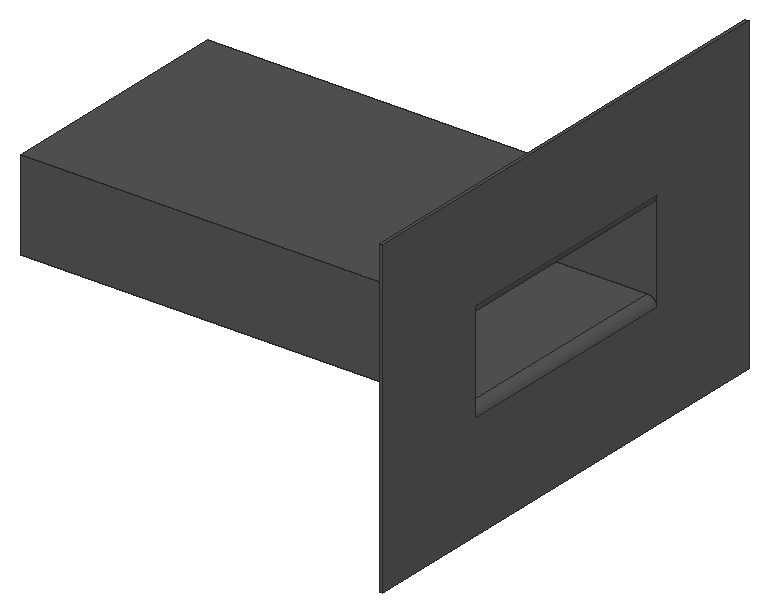
Revit family "Roofing-Aquaknight-Scupper_Overflow-200x75x400_Black", category Plumbing Fixtures, Revit 2016
Family settings
  Part Type = Normal
  Round Connector Dimension = Use Diameter
  OmniClass Number = 23.60.30.11
  OmniClass Title = Pipework Products for General Use
  Work Plane-Based = No
  Always vertical = No
  Cut with Voids When Loaded = No
  Shared = No
  Room Calculation Point = No
Parameters (values of type "200x75x400 Black")
  Waste Connection = yes
  Vent Connection = no
  URL = "www.aquaknight.co.nz"
  Phone = "+6498322214"  # constant formula
  Model = "2100.117"
  Material = Aquanight-Black
  Manufacturer = "Aquaknight Industries Ltd"  # constant formula
  HW Connection = no
  Email = "info@aquaknight.co.nz"  # constant formula
  Description = "Membrane Scupper 200x80 Black"
  CW Connection = no
Reference planes
  plane 1 "Center (Front/Back)": y = 0
  plane 2: z = 0
  plane 3 "Center (Left/Right)": x = 0
  plane 4: y = -205
  plane 5: y = 205
  plane 6: z = 280
Forms (mm)
  Extrusion 1, solid, material "Aquanight-Black" <- "Material"
    sketch origin (0, 0, 0) x (0, 1, 0) y (0, 0, 1)
      loop
        line (-205, 280) -> (-205, 0) -> (205, 0) -> (205, 280) -> (-205, 280)
    from 0 to 3
  Extrusion 2, solid, material "Aquanight-Black" <- "Material"
    sketch origin (0, 0, 0) x (1, 0, 0) y (0, 0, 1)
      loop
        arc (0, 184.804) -> (-1.403, 181.331) -> (-4.826, 179.807) r 5
        line (-4.826, 179.807) -> (-402.961, 165.904) -> (-402.961, 162.902) -> (-4.721, 176.809)
        arc (-4.721, 176.809) -> (0.755, 179.247) -> (3, 184.804) r 8
        line (3, 184.804) -> (0, 184.804)
      loop
        line (-402.961, 85.855) -> (-5.174, 99.746)
        arc (-5.174, 99.746) -> (-1.527, 98.346) -> (0, 94.749) r 5
        line (0, 94.749) -> (3, 94.749)
        arc (3, 94.749) -> (0.557, 100.504) -> (-5.279, 102.744) r 8
        line (-5.279, 102.744) -> (-402.961, 88.857) -> (-402.961, 85.855)
    from -102 to 102
  Extrusion 3, void
    sketch origin (0, 0, 0) x (1, 0, 0) y (0, 0, 1)
      loop
        line (0, 184.804) -> (0, 94.749) -> (3, 94.749) -> (3, 184.804) -> (0, 184.804)
    from -102 to 102
  Extrusion 4, solid, material "Aquanight-Black" <- "Material"
    sketch origin (0, -102, 0) x (1, 0, 0) y (0, 0, 1)
      loop
        line (-4.826, 179.807) -> (-402.961, 165.904) -> (-402.961, 85.855) -> (-5.174, 99.746)
        arc (-5.174, 99.746) -> (-1.527, 98.346) -> (0, 94.749) r 5
        line (0, 94.749) -> (3, 94.749) -> (3, 184.804) -> (0, 184.804)
        arc (0, 184.804) -> (-1.403, 181.331) -> (-4.826, 179.807) r 5
    from 0 to 3
  Extrusion 5, solid, material "Aquanight-Black" <- "Material"
    sketch origin (0, 102, 0) x (-1, 0, 0) y (0, 0, 1)
      loop
        line (402.961, 165.904) -> (4.826, 179.807)
        arc (4.826, 179.807) -> (1.403, 181.331) -> (0, 184.804) r 5
        line (0, 184.804) -> (-3, 184.804) -> (-3, 94.749) -> (0, 94.749)
        arc (0, 94.749) -> (1.527, 98.346) -> (5.174, 99.746) r 5
        line (5.174, 99.746) -> (402.961, 85.855) -> (402.961, 165.904)
    from 0 to 3
Cuts and joins
  Extrusion 3 cuts Extrusion 1
  joined: Extrusion 2, Extrusion 4, Extrusion 5
Dimensions and locks
  plane 4 to plane 5 = 410 mm
  equal spacing: plane 4, plane 1 "Center (Front/Back)", plane 5
  plane 6 to level = 280 mm  (x2)
  plane 5 to plane 4 = 410 mm
  Extrusion 5 to Extrusion 4 = 210 mm
  cut or joined group of Extrusion 2, Extrusion 4, Extrusion 5 to cut or joined group of Extrusion 2, Extrusion 4, Extrusion 5 = 210 mm
  cut or joined group of Extrusion 2, Extrusion 4, Extrusion 5 to cut or joined group of Extrusion 2, Extrusion 4, Extrusion 5 = 204 mm
  aligned and locked: level to plane 2
  aligned and locked: Extrusion 1 sketch curve to plane 6
  aligned and locked: plane 4 to Extrusion 1 sketch curve
  aligned and locked: Extrusion 1 sketch curve to plane 5
  aligned and locked: level to Extrusion 1 sketch curve
  aligned and locked: Extrusion 4 sketch curve to Extrusion 2  (x3)
  aligned and locked: Extrusion 5 sketch curve to Extrusion 4  (x4)
Automatic sketch dimensions
  Extrusion 3 sketch curve to plane 3 "Center (Left/Right)" = 0 mm
  plane 3 "Center (Left/Right)" to Extrusion 3 sketch curve = 3 mm
  level to Extrusion 3 sketch curve = 94.749 mm
  Extrusion 3 sketch curve to Extrusion 3 sketch curve = 90.055 mm
  Extrusion 2 sketch curve to plane 6 = 117.098 mm
  Extrusion 2 sketch curve to plane 3 "Center (Left/Right)" = 4.826 mm
  Extrusion 2 sketch curve to Extrusion 2 sketch curve = 0.105 mm  (x2)
  Extrusion 2 sketch curve to Extrusion 2 sketch curve = 3.002 mm  (x2)
  Extrusion 2 sketch curve to Extrusion 2 sketch curve = 0.174 mm
  Extrusion 2 sketch curve to Extrusion 2 sketch curve = 0 mm  (x6)
  level to Extrusion 2 sketch curve = 85.855 mm
  Extrusion 5 sketch curve to Extrusion 2 = 0 mm
  Extrusion 5 sketch curve to Extrusion 5 sketch curve = 3 mm
  Extrusion 5 sketch curve to Extrusion 2 = 4.997 mm  (x2)
  Extrusion 5 sketch curve to Extrusion 5 sketch curve = 0 mm
  Extrusion 2 to Extrusion 4 sketch curve = 0 mm
  Extrusion 4 sketch curve to Extrusion 2 = 0 mm
  Extrusion 4 sketch curve to Extrusion 2 = 4.997 mm  (x2)
  Extrusion 4 sketch curve to Extrusion 4 sketch curve = 3 mm
  Extrusion 4 sketch curve to Extrusion 4 sketch curve = 0 mm
  Extrusion 2 sketch curve to Extrusion 2 sketch curve = 397.786 mm
